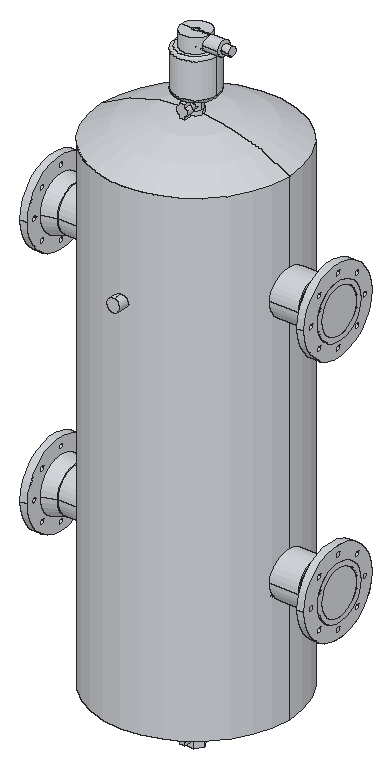
Revit family "307_2c91688fe4b84a309d506ab36b2033", category Pipe Accessories, Revit 2022
Family settings
  Round Connector Dimension = Use Diameter
  Part Type = Breaks Into
  Work Plane-Based = No
  Always vertical = Yes
  Cut with Voids When Loaded = No
  Shared = No
Parameters (values of type "2164 80")
  magiProductId = "f38ff9a0e22c45cabc91b409692365"
  magiProductFamilyId = "2c91688fe4b84a309d506ab36b2033"
  magiPartTypeId = 307
  isMeasuringValve [instance] = no
  ang2D [instance] = 0.00°
  W2D = 100 mm
  VersionID = "2.0/2018.5.23.1/FAR_2164_001"
  Use Minimum Symbol Size [instance] = yes
  RR = 7.5 mm
  RH = 12 mm
  RC = 46 mm
  R2 = 12.5 mm
  R = 40 mm
  QmdConnectorList = "301;D;302;D"
  Productdata [instance] = "© MagiCAD Group, all rights reserved"
  NR1 = 15.625 mm
  NR = 11.25 mm
  Manufacturer = "FAR"
  Maintenance Zone Under Depth [instance] = 787 mm
  Maintenance Zone Right Depth [instance] = 511 mm
  Maintenance Zone Over Depth [instance] = 361 mm
  Maintenance Zone Left Depth [instance] = 511 mm
  Maintenance Zone Front Depth [instance] = 184 mm
  Maintenance Zone Back Depth [instance] = 167 mm
  Maintenance Zone Front Visibility [instance] = no
  MC Product Code = "2164 80"
  LM = 429.9 mm
  LL = 255.5 mm
  L2D_Min = 3048 mm
  L2D = 511 mm
  L1 = 25.55 mm
  H__ve = -H  # -184 mm
  HT = 230 mm
  HE1 = no
  HE = yes
  HD2 = 5 mm
  HCD2 = 60 mm
  HC = 42.426 mm
  H = 184 mm
  G = 167 mm
  ER = 72.05 mm
  E3 = 26.2 mm
  E2 = 13.1 mm
  E1 = 6.55 mm
  Description = "Flanged hydraulic separator, air vent and drain valve"
  Default Elevation = 0 mm
  DM2 = 48 mm
  DM1 = 48 mm
  D12 = 75 mm
  D = 80 mm
  CenSd_NR_6 = NR * cos(30.00°)  # 9.743 mm
  CenSd_NR1_6 = NR1 * cos(30.00°)  # 13.532 mm
  Clearance Zone Height Depth [instance] = 361 mm
  Clearance Zone Circular Radius [instance] = 255.5 mm
  Clearance Zone Visibility [instance] = no
  C = 450 mm
  B1__ve = -B1  # -2 mm
  B11__ve = -B11  # -13 mm
  B11 = 13 mm
  B1 = 2 mm
  B = 280 mm
Types (4, lengths in mm): name | magiProductId | RC | R | Productdata | Maintenance Zone Under Depth | Maintenance Zone Right Depth | Maintenance Zone Over Depth | Maintenance Zone Left Depth | Maintenance Zone Front Depth | Maintenance Zone Back Depth | MC Product Code | LM | LL | L1 | H__ve | HT | HE1 | HE | HCD2 | HC | H | G | DM2 | DM1 | D12 | D | Clearance Zone Height Depth | Clearance Zone Circular Radius | C | B
  2164 100 | "30c19fde536d4b7e80c20b45797d6a" | 46 | 50 | "© Progman Oy, all rights reserved" | 787 | 511 | 361 | 511 | 184 | 167 | "2164 100" | 429.9 | 255.5 | 25.55 | -184 | 230 | no | yes | 60 | 42.426 | 184 | 167 | 48 | 60 | 75 | 100 | 361 | 255.5 | 450 | 280
  2164 50 | "d7ccfda699b2448dad43ceb41c4096" | 36.8 | 25 | "© Progman Oy, all rights reserved" | 623 | 393 | 315 | 393 | 132 | 114 | "2164 50" | 323.7 | 196.5 | 19.65 | -132 | 184 | yes | no | 40 | 28.284 | 132 | 114 | 32 | 30 | 50 | 50 | 315 | 196.5 | 330 | 234
  2164 65 | "71a9aff40bd94d57948ff36d22586c" | 36.8 | 32.5 | "© Progman Oy, all rights reserved" | 623 | 393 | 315 | 393 | 132 | 114 | "2164 65" | 323.7 | 196.5 | 19.65 | -132 | 184 | no | yes | 40 | 28.284 | 132 | 114 | 32 | 39 | 50 | 65 | 315 | 196.5 | 330 | 234
  2164 80 | "f38ff9a0e22c45cabc91b409692365" | 46 | 40 | "© MagiCAD Group, all rights reserved" | 787 | 511 | 361 | 511 | 184 | 167 | "2164 80" | 429.9 | 255.5 | 25.55 | -184 | 230 | no | yes | 60 | 42.426 | 184 | 167 | 48 | 48 | 75 | 80 | 361 | 255.5 | 450 | 280
Reference planes
  plane 1 "Center (Front/Back)": y = 0
  plane 2 "XYPLANE": z = 0
  plane 3 "Center (Left/Right)": x = 0
  plane 4 "516": y = -184
  plane 5 "515": y = 167
  plane 6 "514": x = -511
  plane 7 "513": x = 511
  plane 8 "512": z = -787
  plane 9 "511": z = 361
  plane 10 "506": z = -748
  plane 11 "505": z = -762
  plane 12 "504": z = -770
  plane 13 "503": z = -740
  plane 14 "502": z = -755
  plane 15 "482": z = -765
  plane 16 "481": z = -745
  plane 17 "470": x = -5
  plane 18 "469": x = 5
  plane 19 "468": z = 236.1
  plane 20 "467": z = 250.1
  plane 21 "466": z = 231.1
  plane 22 "465": z = 255.1
  plane 23 "464": y = -20
  plane 24 "462": z = 243.1
  plane 25 "459": x = 50
  plane 26 "456": z = 347.9
  plane 27 "449": x = -37
  plane 28 "448": x = -25
  plane 29 "447": x = -5
  plane 30 "444": z = 361
  plane 31 "443": z = 334.8
  plane 32 "442": z = 262.75
  plane 33 "439": z = 256.2
  plane 34 "436": z = 249.65
  plane 35 "432": z = 236.55
  plane 36 "425": z = -684
  plane 37 "421": z = -730
  plane 38 "414": z = 184
  plane 39 "412": x = -167
  plane 40 "411": x = -10
  plane 41 "410": z = 230
  plane 42 "403": z = -510
  plane 43 "402": z = -390
  plane 44 "401": z = -492.426
  plane 45 "400": z = -407.574
  plane 46 "399": z = -450
  plane 47 "352": x = 214.95
  plane 48 "351": x = 240.5
  plane 49 "346": x = -214.95
  plane 50 "345": x = -240.5
  plane 51 "342": x = -253.5
  plane 52 "317": z = -42.426
  plane 53 "316": z = 42.426
  plane 54 "315": z = -60
  plane 55 "314": z = 60
  plane 56 "313": y = -60
  plane 57 "312": y = 60
  plane 58 "311": y = -42.426
  plane 59 "310": y = 42.426
  plane 60 "309": x = 253.5
  plane 61 "77": y = 0
  plane 62 "76": z = 0
  plane 63 "75": x = 0
  plane 64 "74": x = -255.5
  plane 65 "73": x = 255.5
Forms (mm)
  Extrusion 1, solid
    sketch origin (253.5, -750, 0) x (0, 1, 0) y (0, 0, 1)
      loop
        circle (750, -450) r 75
      loop
        circle (792.426, -492.426) r 5
      loop
        circle (810, -450) r 5
      loop
        circle (792.426, -407.574) r 5
      loop
        circle (750, -390) r 5
      loop
        circle (707.574, -407.574) r 5
      loop
        circle (690, -450) r 5
      loop
        circle (707.574, -492.426) r 5
      loop
        circle (750, -510) r 5
    from 0 to -13 <- "B11__ve"
  Extrusion 2, solid
    sketch origin (253.5, -750, 0) x (0, 1, 0) y (0, 0, 1)
      loop
        circle (750, -450) r 75
      loop
        circle (792.426, -407.574) r 5
      loop
        circle (707.574, -407.574) r 5
      loop
        circle (707.574, -492.426) r 5
      loop
        circle (792.426, -492.426) r 5
    from 0 to -13 <- "B11__ve"
  Blend 3, solid, visible <- "Maintenance Zone Front Visibility"
    base sketch origin (-750, 0, 361) x (1, 0, 0) y (0, 1, 0)
      loop
        line (239, -184) -> (1261, -184) -> (1261, 167) -> (239, 167) -> (239, -184)
    top sketch origin (-750, 0, 361) x (1, 0, 0) y (0, 1, 0)
      loop
        line (239, -184) -> (1261, -184) -> (1261, 167) -> (239, 167) -> (239, -184)
    from 0 to -1148
  Extrusion 4, solid, visible <- "Clearance Zone Visibility"
    sketch origin (-750, 0, 0) x (1, 0, 0) y (0, 1, 0)
      loop
        circle (750, 0) r 255.5
    from 0 to 361 <- "Clearance Zone Height Depth"
  Extrusion 5, solid
    sketch origin (750, 0, 0) x (-1, 0, 0) y (0, 0, 1)
      loop
        circle (750, -755) r 6.55
    from 0 to -20
  Extrusion 6, solid
    sketch origin (750, -20, 0) x (-1, 0, 0) y (0, 0, 1)
      loop
        line (755, -748) -> (755, -740) -> (745, -740) -> (745, -748)
        arc (745, -748) -> (740, -755) -> (745, -762) r 7.4
        line (745, -762) -> (745, -770) -> (755, -770) -> (755, -762)
        arc (755, -762) -> (760, -755) -> (755, -748) r 7.4
    from 0 to -10
  Extrusion 7, solid
    sketch origin (-750, 0, -730) x (1, 0, 0) y (0, 1, 0)
      loop
        circle (750, 0) r 15.625
    from 0 to -15
  Extrusion 8, solid
    sketch origin (-750, 0, -765) x (1, 0, 0) y (0, 1, 0)
      loop
        line (734.375, 0) -> (742.188, -13.532) -> (757.813, -13.532) -> (765.625, 0) -> (757.812, 13.532) -> (742.188, 13.532) -> (734.375, 0)
      loop
        circle (750, 0) r 12.5
    from 0 to -15
  Extrusion 9, solid
    sketch origin (-750, 0, -745) x (1, 0, 0) y (0, 1, 0)
      loop
        circle (750, 0) r 15.625
    from 0 to -20
  Extrusion 10, solid
    sketch origin (750, 0, 0) x (-1, 0, 0) y (0, 0, 1)
      loop
        circle (750, 0) r 11.25
    from 0 to -184 <- "H__ve"
  Extrusion 11, solid
    sketch origin (750, -20, 0) x (-1, 0, 0) y (0, 0, 1)
      loop
        line (755, 250.1) -> (755, 255.1) -> (745, 255.1) -> (745, 250.1)
        arc (745, 250.1) -> (740, 243.1) -> (745, 236.1) r 7.4
        line (745, 236.1) -> (745, 231.1) -> (755, 231.1) -> (755, 236.1)
        arc (755, 236.1) -> (760, 243.1) -> (755, 250.1) r 7.4
    from 0 to -10
  Extrusion 12, solid
    sketch origin (750, 0, 0) x (-1, 0, 0) y (0, 0, 1)
      loop
        circle (750, 243.1) r 6.55
    from 0 to -20
  Extrusion 13, solid
    sketch origin (50, -750, 0) x (0, 1, 0) y (0, 0, 1)
      loop
        circle (750, 347.9) r 7.5
    from 0 to 15
  Extrusion 14, solid
    sketch origin (0, -750, 0) x (0, 1, 0) y (0, 0, 1)
      loop
        circle (750, 347.9) r 13.1
    from 0 to 50
  Revolve 15, solid
    sketch origin (-5, 0, 361) x (0, 0, -1) y (1, 0, 0)
      loop
        line (0, 0) -> (0, -20) -> (26.2, -20) -> (26.2, -27)
        arc (26.2, -27) -> (27.664, -30.536) -> (31.2, -32) r 5
        line (31.2, -32) -> (93.25, -32)
        arc (93.25, -32) -> (96.786, -30.536) -> (98.25, -27) r 5
        line (98.25, -27) -> (98.25, 0) -> (0, 0)
      axis (0, 5) -> (98.25, 5)
    angle from 0 to -360
  Extrusion 16, solid
    sketch origin (-750, 0, 256.2) x (1, 0, 0) y (0, 1, 0)
      loop
        circle (750, 0) r 12.5
    from 0 to 6.55 <- "E1"
  Extrusion 17, solid
    sketch origin (-750, 0, 236.55) x (1, 0, 0) y (0, 1, 0)
      loop
        circle (750, 0) r 11.25
    from 0 to 13.1 <- "E2"
  Extrusion 18, solid
    sketch origin (-750, 0, 249.65) x (1, 0, 0) y (0, 1, 0)
      loop
        line (761.25, 0) -> (755.625, 9.743) -> (744.375, 9.743) -> (738.75, 0) -> (744.375, -9.743) -> (755.625, -9.743) -> (761.25, 0)
    from 0 to 6.55 <- "E1"
  Extrusion 19, solid
    sketch origin (-750, 0, 230) x (1, 0, 0) y (0, 1, 0)
      loop
        circle (750, 0) r 12.5
    from 0 to 6.55 <- "E1"
  Revolve 20, solid
    sketch origin (-10, 0, -730) x (0, 0, -1) y (1, 0, 0)
      loop
        line (0, 0) -> (-960, 0)
        arc (-960, 0) -> (-948.516, -81.874) -> (-914, -157) r 284.802
        line (-914, -157) -> (-46, -157)
        arc (-46, -157) -> (-11.484, -81.874) -> (0, 0) r 284.802
      axis (-960, 10) -> (0, 10)
    angle from 0 to -360
  Extrusion 21, solid, visible <- "HE1"
    sketch origin (-253.5, -750, 0) x (0, 1, 0) y (0, 0, 1)
      loop
        circle (750, -450) r 75
      loop
        circle (792.426, -407.574) r 5
      loop
        circle (707.574, -407.574) r 5
      loop
        circle (792.426, -492.426) r 5
      loop
        circle (707.574, -492.426) r 5
    from 0 to 13 <- "B11"
  Extrusion 22, solid, visible <- "HE"
    sketch origin (-253.5, -750, 0) x (0, 1, 0) y (0, 0, 1)
      loop
        circle (750, -450) r 75
      loop
        circle (810, -450) r 5
      loop
        circle (792.426, -492.426) r 5
      loop
        circle (792.426, -407.574) r 5
      loop
        circle (750, -390) r 5
      loop
        circle (707.574, -407.574) r 5
      loop
        circle (707.574, -492.426) r 5
      loop
        circle (690, -450) r 5
      loop
        circle (750, -510) r 5
    from 0 to 13 <- "B11"
  Extrusion 23, solid
    sketch origin (255.5, -750, 0) x (0, 1, 0) y (0, 0, 1)
      loop
        circle (750, -450) r 48
      loop
        circle (750, -450) r 40
    from 0 to -2 <- "B1__ve"
  Blend 24, solid
    base sketch origin (214.95, -750, 0) x (0, 1, 0) y (0, 0, 1)
      loop
        circle (750, -450) r 40
    top sketch origin (214.95, -750, 0) x (0, 1, 0) y (0, 0, 1)
      loop
        circle (750, -450) r 48
    from 0 to 25.55
  Extrusion 25, solid
    sketch origin (-255.5, -750, 0) x (0, 1, 0) y (0, 0, 1)
      loop
        circle (750, -450) r 48
      loop
        circle (750, -450) r 40
    from 0 to 2 <- "B1"
  Blend 26, solid
    base sketch origin (-240.5, -750, 0) x (0, 1, 0) y (0, 0, 1)
      loop
        circle (750, -450) r 48
    top sketch origin (-240.5, -750, 0) x (0, 1, 0) y (0, 0, 1)
      loop
        circle (750, -450) r 40
    from 0 to 25.55
  Extrusion 27, solid
    sketch origin (-214.95, -750, 0) x (0, 1, 0) y (0, 0, 1)
      loop
        circle (750, -450) r 40
    from 0 to 429.9 <- "LM"
  Extrusion 28, solid
    sketch origin (-214.95, -750, 0) x (0, 1, 0) y (0, 0, 1)
      loop
        circle (750, 0) r 40
    from 0 to 429.9 <- "LM"
  Blend 29, solid
    base sketch origin (214.95, -750, 0) x (0, 1, 0) y (0, 0, 1)
      loop
        circle (750, 0) r 40
    top sketch origin (214.95, -750, 0) x (0, 1, 0) y (0, 0, 1)
      loop
        circle (750, 0) r 48
    from 0 to 25.55
  Blend 30, solid
    base sketch origin (-240.5, -750, 0) x (0, 1, 0) y (0, 0, 1)
      loop
        circle (750, 0) r 48
    top sketch origin (-240.5, -750, 0) x (0, 1, 0) y (0, 0, 1)
      loop
        circle (750, 0) r 40
    from 0 to 25.55
  Extrusion 31, solid, visible <- "HE"
    sketch origin (-253.5, -750, 0) x (0, 1, 0) y (0, 0, 1)
      loop
        circle (750, 0) r 75
      loop
        circle (792.426, -42.426) r 5
      loop
        circle (810, 0) r 5
      loop
        circle (792.426, 42.426) r 5
      loop
        circle (750, 60) r 5
      loop
        circle (690, 0) r 5
      loop
        circle (707.574, 42.426) r 5
      loop
        circle (707.574, -42.426) r 5
      loop
        circle (750, -60) r 5
    from 0 to 13 <- "B11"
  Extrusion 32, solid, visible <- "HE1"
    sketch origin (-253.5, -750, 0) x (0, 1, 0) y (0, 0, 1)
      loop
        circle (750, 0) r 75
      loop
        circle (792.426, -42.426) r 5
      loop
        circle (792.426, 42.426) r 5
      loop
        circle (707.574, 42.426) r 5
      loop
        circle (707.574, -42.426) r 5
    from 0 to 13 <- "B11"
  Extrusion 33, solid
    sketch origin (-255.5, -750, 0) x (0, 1, 0) y (0, 0, 1)
      loop
        circle (750, 0) r 48
      loop
        circle (750, 0) r 40
    from 0 to 2 <- "B1"
  Extrusion 34, solid
    sketch origin (255.5, -750, 0) x (0, 1, 0) y (0, 0, 1)
      loop
        circle (750, 0) r 48
      loop
        circle (750, 0) r 40
    from 0 to -2 <- "B1__ve"
  Extrusion 35, solid, visible <- "HE1"
    sketch origin (253.5, -750, 0) x (0, 1, 0) y (0, 0, 1)
      loop
        circle (750, 0) r 75
      loop
        circle (792.426, -42.426) r 5
      loop
        circle (792.426, 42.426) r 5
      loop
        circle (707.574, 42.426) r 5
      loop
        circle (707.574, -42.426) r 5
    from 0 to -13 <- "B11__ve"
  Extrusion 36, solid, visible <- "HE"
    sketch origin (253.5, -750, 0) x (0, 1, 0) y (0, 0, 1)
      loop
        circle (750, 0) r 75
      loop
        circle (792.426, -42.426) r 5
      loop
        circle (810, 0) r 5
      loop
        circle (792.426, 42.426) r 5
      loop
        circle (750, 60) r 5
      loop
        circle (690, 0) r 5
      loop
        circle (707.574, 42.426) r 5
      loop
        circle (707.574, -42.426) r 5
      loop
        circle (750, -60) r 5
    from 0 to -13 <- "B11__ve"
  Extrusion 37, solid, not visible
    sketch origin (-255.5, -750, 0) x (0, 1, 0) y (0, 0, 1)
      loop
        circle (750, 0) r 10
    from 0 to 10
  Extrusion 38, solid, not visible
    sketch origin (255.5, -750, 0) x (0, 1, 0) y (0, 0, 1)
      loop
        circle (750, 0) r 10
    from 0 to -10
Lines and regions (mm)
  reference lines, not visible
    curve 1: circle (2, 2, 0) r 1 normal (0, 0, 1)
  reference lines
    curve 2: line (5, -20, -748) -> (5, -20, -762)
    curve 3: line (-5, -20, -762) -> (-5, -20, -748)
    curve 4: line (0, 0, -765) -> (3.906, 6.766, -765)
    curve 5: line (0, 0, -765) -> (7.812, 0, -765)
    curve 6: line (0, 0, -765) -> (3.906, -6.766, -765)
    curve 7: line (5, -20, 250.1) -> (5, -20, 236.1)
    curve 8: line (-5, -20, 236.1) -> (-5, -20, 250.1)
    curve 9: line (0, 0, 249.65) -> (-2.813, 4.871, 249.65)
    curve 10: line (0, 0, 249.65) -> (-5.625, 0, 249.65)
    curve 11: line (0, 0, 249.65) -> (-2.812, -4.871, 249.65)
    curve 12: line (-10, 0, 230) -> (-167, 0, 184)
    curve 13: line (-167, 0, -684) -> (-10, 0, -730)
Dimensions and locks
  plane 1 "Center (Front/Back)" to curve 1 = 2 mm
  "Maintenance Zone Front Depth": plane 1 "Center (Front/Back)" to plane 4 "516"
  "Maintenance Zone Back Depth": plane 1 "Center (Front/Back)" to plane 5 "515"
  "Maintenance Zone Left Depth": plane 3 "Center (Left/Right)" to plane 6 "514"
  "Maintenance Zone Right Depth": plane 3 "Center (Left/Right)" to plane 7 "513"
  "Maintenance Zone Under Depth": plane 2 "XYPLANE" to plane 8 "512"
  "Maintenance Zone Over Depth": plane 2 "XYPLANE" to plane 9 "511"
  locked: plane 13 "503" to plane 10 "506" at 8
  locked: plane 12 "504" to plane 11 "505" at 8
  locked: plane 14 "502" to plane 12 "504" at 15
  locked: plane 14 "502" to plane 13 "503" at 15
  locked: plane 16 "481" to plane 14 "502" at 10
  locked: plane 16 "481" to plane 15 "482" at 20
  locked: plane 37 "421" to plane 16 "481" at 15
  locked: plane 3 "Center (Left/Right)" to plane 17 "470" at 5
  locked: plane 3 "Center (Left/Right)" to plane 18 "469" at 5
  locked: plane 21 "466" to plane 19 "468" at 5
  locked: plane 22 "465" to plane 20 "467" at 5
  locked: plane 24 "462" to plane 21 "466" at 12
  locked: plane 24 "462" to plane 22 "465" at 12
  locked: plane 61 "77" to plane 23 "464" at 20
  "E1": plane 35 "432" to plane 24 "462"
  locked: plane 3 "Center (Left/Right)" to plane 25 "459" at 50
  "E2": plane 31 "443" to plane 26 "456"
  locked: plane 28 "448" to plane 27 "449" at 12
  locked: plane 29 "447" to plane 28 "448" at 20
  locked: plane 3 "Center (Left/Right)" to plane 29 "447" at 5
  "E3": plane 31 "443" to plane 30 "444"
  "ER": plane 32 "442" to plane 31 "443"
  "E1": plane 33 "439" to plane 32 "442"
  "E1": plane 34 "436" to plane 33 "439"
  "E2": plane 35 "432" to plane 34 "436"
  "E1": plane 41 "410" to plane 35 "432"
  "RC": plane 37 "421" to plane 36 "425"
  "B": plane 46 "399" to plane 37 "421"
  "RC": plane 41 "410" to plane 38 "414"
  "G": plane 3 "Center (Left/Right)" to plane 39 "412"
  locked: plane 3 "Center (Left/Right)" to plane 40 "411" at 10
  "HT": plane 2 "XYPLANE" to plane 41 "410"
  "HCD2": plane 46 "399" to plane 42 "403"
  "HCD2": plane 46 "399" to plane 43 "402"
  "HC": plane 46 "399" to plane 44 "401"
  "HC": plane 46 "399" to plane 45 "400"
  "C": plane 2 "XYPLANE" to plane 46 "399"
  "L1": plane 48 "351" to plane 47 "352"
  "B11": plane 60 "309" to plane 48 "351"
  "L1": plane 50 "345" to plane 49 "346"
  "B11": plane 51 "342" to plane 50 "345"
  "B1": plane 64 "74" to plane 51 "342"
  "HC": plane 2 "XYPLANE" to plane 52 "317"
  "HC": plane 2 "XYPLANE" to plane 53 "316"
  "HCD2": plane 2 "XYPLANE" to plane 54 "315"
  "HCD2": plane 2 "XYPLANE" to plane 55 "314"
  "HCD2": plane 1 "Center (Front/Back)" to plane 56 "313"
  "HCD2": plane 1 "Center (Front/Back)" to plane 57 "312"
  "HC": plane 1 "Center (Front/Back)" to plane 58 "311"
  "HC": plane 1 "Center (Front/Back)" to plane 59 "310"
  "B1": plane 65 "73" to plane 60 "309"
  locked: plane 1 "Center (Front/Back)" to plane 61 "77"
  locked: plane 2 "XYPLANE" to plane 62 "76"
  locked: plane 3 "Center (Left/Right)" to plane 63 "75"
  "LL": plane 3 "Center (Left/Right)" to plane 64 "74"
  "LL": plane 3 "Center (Left/Right)" to plane 65 "73"
  Blend 3 sketch curve to Blend 3 sketch curve = 0 mm  (x16)
  Extrusion 6 sketch curve to Extrusion 6 sketch curve = 0 mm  (x16)
  "CenSd_NR1_6": curve 4 to Extrusion 8 sketch curve  (x2)
  "CenSd_NR1_6": curve 5 to Extrusion 8 sketch curve  (x2)
  "CenSd_NR1_6": curve 6 to Extrusion 8 sketch curve  (x2)
  Extrusion 8 sketch curve to Extrusion 8 sketch curve = 0 mm  (x12)
  Extrusion 11 sketch curve to Extrusion 11 sketch curve = 0 mm  (x16)
  Revolve 15 sketch curve to Revolve 15 sketch curve = 0 mm  (x16)
  "CenSd_NR_6": curve 9 to Extrusion 18 sketch curve  (x2)
  "CenSd_NR_6": curve 10 to Extrusion 18 sketch curve  (x2)
  "CenSd_NR_6": curve 11 to Extrusion 18 sketch curve  (x2)
  Extrusion 18 sketch curve to Extrusion 18 sketch curve = 0 mm  (x12)
  "RH": curve 12 to Revolve 20 sketch curve
  "RH": curve 13 to Revolve 20 sketch curve
  Revolve 20 sketch curve to Revolve 20 sketch curve = 0 mm  (x8)
  "D12": radius of Extrusion 1 sketch curve
  "HD2": radius of Extrusion 1 sketch curve  (x8)
  "D12": radius of Extrusion 2 sketch curve
  "HD2": radius of Extrusion 2 sketch curve  (x4)
  "Clearance Zone Circular Radius": radius of Extrusion 4 sketch curve
  "E1": radius of Extrusion 5 sketch curve
  "NR1": radius of Extrusion 7 sketch curve
  "R2": radius of Extrusion 8 sketch curve
  "NR1": radius of Extrusion 9 sketch curve
  "NR": radius of Extrusion 10 sketch curve
  "E1": radius of Extrusion 12 sketch curve
  "RR": radius of Extrusion 13 sketch curve
  "E2": radius of Extrusion 14 sketch curve
  radius of Revolve 15 sketch curve = 5 mm  (x2)
  "R2": radius of Extrusion 16 sketch curve
  "NR": radius of Extrusion 17 sketch curve
  "R2": radius of Extrusion 19 sketch curve
  "D12": radius of Extrusion 21 sketch curve
  "HD2": radius of Extrusion 21 sketch curve  (x4)
  "D12": radius of Extrusion 22 sketch curve
  "HD2": radius of Extrusion 22 sketch curve  (x8)
  "DM2": radius of Extrusion 23 sketch curve
  "R": radius of Extrusion 23 sketch curve
  "DM1": radius of Blend 24 sketch curve
  "R": radius of Blend 24 sketch curve
  "DM2": radius of Extrusion 25 sketch curve
  "R": radius of Extrusion 25 sketch curve
  "R": radius of Blend 26 sketch curve
  "DM1": radius of Blend 26 sketch curve
  "R": radius of Extrusion 27 sketch curve
  "R": radius of Extrusion 28 sketch curve
  "DM1": radius of Blend 29 sketch curve
  "R": radius of Blend 29 sketch curve
  "R": radius of Blend 30 sketch curve
  "DM1": radius of Blend 30 sketch curve
  "D12": radius of Extrusion 31 sketch curve
  "HD2": radius of Extrusion 31 sketch curve  (x8)
  "D12": radius of Extrusion 32 sketch curve
  "HD2": radius of Extrusion 32 sketch curve  (x4)
  "DM2": radius of Extrusion 33 sketch curve
  "R": radius of Extrusion 33 sketch curve
  "DM2": radius of Extrusion 34 sketch curve
  "R": radius of Extrusion 34 sketch curve
  "D12": radius of Extrusion 35 sketch curve
  "HD2": radius of Extrusion 35 sketch curve  (x4)
  "D12": radius of Extrusion 36 sketch curve
  "HD2": radius of Extrusion 36 sketch curve  (x8)
  locked: curve 5 to curve 4 (angle 60.00°)
  locked: curve 6 to curve 5 (angle 60.00°)
  locked: curve 6 to curve 4 (angle 120.00°)
  locked: curve 10 to curve 9 (angle 60.00°)
  locked: curve 11 to curve 10 (angle 60.00°)
  locked: curve 11 to curve 9 (angle 120.00°)
  aligned and locked: level to plane 2 "XYPLANE"
  aligned and locked: plane 46 "399" to Extrusion 1 sketch curve  (x3)
  aligned and locked: Extrusion 1 sketch curve to plane 61 "77"  (x3)
  aligned and locked: plane 44 "401" to Extrusion 1 sketch curve  (x2)
  aligned and locked: Extrusion 1 sketch curve to plane 59 "310"  (x2)
  aligned and locked: Extrusion 1 sketch curve to plane 57 "312"
  aligned and locked: plane 45 "400" to Extrusion 1 sketch curve  (x2)
  aligned and locked: plane 43 "402" to Extrusion 1 sketch curve
  aligned and locked: Extrusion 1 sketch curve to plane 58 "311"  (x2)
  aligned and locked: Extrusion 1 sketch curve to plane 56 "313"
  aligned and locked: plane 42 "403" to Extrusion 1 sketch curve
  aligned and locked: plane 46 "399" to Extrusion 2 sketch curve
  aligned and locked: Extrusion 2 sketch curve to plane 61 "77"
  aligned and locked: plane 45 "400" to Extrusion 2 sketch curve  (x2)
  aligned and locked: Extrusion 2 sketch curve to plane 59 "310"  (x2)
  aligned and locked: Extrusion 2 sketch curve to plane 58 "311"  (x2)
  aligned and locked: plane 44 "401" to Extrusion 2 sketch curve  (x2)
  aligned and locked: plane 6 "514" to Blend 3 sketch curve  (x4)
  aligned and locked: plane 4 "516" to Blend 3 sketch curve  (x4)
  aligned and locked: plane 5 "515" to Blend 3 sketch curve  (x4)
  aligned and locked: plane 7 "513" to Blend 3 sketch curve  (x4)
  aligned and locked: Blend 3 to plane 8 "512"
  aligned and locked: plane 61 "77" to Extrusion 4 sketch curve
  aligned and locked: plane 63 "75" to Extrusion 4 sketch curve
  aligned and locked: plane 14 "502" to Extrusion 5 sketch curve
  aligned and locked: plane 63 "75" to Extrusion 5 sketch curve
  aligned and locked: Extrusion 6 sketch curve to plane 17 "470"
  aligned and locked: plane 10 "506" to Extrusion 6 sketch curve  (x2)
  aligned and locked: plane 13 "503" to Extrusion 6 sketch curve  (x2)
  aligned and locked: plane 17 "470" to Extrusion 6 sketch curve  (x2)
  aligned and locked: plane 18 "469" to Extrusion 6 sketch curve  (x3)
  aligned and locked: plane 18 "469" to curve 2
  aligned and locked: plane 10 "506" to curve 2
  aligned and locked: plane 11 "505" to curve 2
  aligned and locked: plane 11 "505" to Extrusion 6 sketch curve  (x2)
  aligned and locked: plane 12 "504" to Extrusion 6 sketch curve  (x2)
  aligned and locked: curve 3 to plane 17 "470"
  aligned and locked: plane 11 "505" to curve 3
  aligned and locked: plane 10 "506" to curve 3
  aligned and locked: plane 61 "77" to Extrusion 7 sketch curve
  aligned and locked: plane 63 "75" to Extrusion 7 sketch curve
  aligned and locked: plane 61 "77" to curve 6
  aligned and locked: plane 63 "75" to curve 6
  aligned and locked: plane 61 "77" to Extrusion 8 sketch curve
  aligned and locked: plane 63 "75" to Extrusion 8 sketch curve
  aligned and locked: plane 61 "77" to Extrusion 9 sketch curve
  aligned and locked: plane 63 "75" to Extrusion 9 sketch curve
  aligned and locked: plane 62 "76" to Extrusion 10 sketch curve
  aligned and locked: plane 63 "75" to Extrusion 10 sketch curve
  aligned and locked: Extrusion 11 sketch curve to plane 17 "470"
  aligned and locked: plane 20 "467" to Extrusion 11 sketch curve  (x2)
  aligned and locked: plane 22 "465" to Extrusion 11 sketch curve  (x2)
  aligned and locked: plane 17 "470" to Extrusion 11 sketch curve  (x2)
  aligned and locked: plane 18 "469" to Extrusion 11 sketch curve  (x3)
  aligned and locked: plane 18 "469" to curve 7
  aligned and locked: plane 20 "467" to curve 7
  aligned and locked: plane 19 "468" to curve 7
  aligned and locked: plane 19 "468" to Extrusion 11 sketch curve  (x2)
  aligned and locked: plane 21 "466" to Extrusion 11 sketch curve  (x2)
  aligned and locked: curve 8 to plane 17 "470"
  aligned and locked: plane 19 "468" to curve 8
  aligned and locked: plane 20 "467" to curve 8
  aligned and locked: plane 24 "462" to Extrusion 12 sketch curve
  aligned and locked: plane 63 "75" to Extrusion 12 sketch curve
  aligned and locked: plane 26 "456" to Extrusion 13 sketch curve
  aligned and locked: plane 61 "77" to Extrusion 13 sketch curve
  aligned and locked: plane 26 "456" to Extrusion 14 sketch curve
  aligned and locked: plane 61 "77" to Extrusion 14 sketch curve
  aligned and locked: Revolve 15 sketch curve to plane 30 "444"
  aligned and locked: plane 29 "447" to Revolve 15 sketch curve
  aligned and locked: plane 28 "448" to Revolve 15 sketch curve  (x2)
  aligned and locked: plane 30 "444" to Revolve 15 sketch curve  (x2)
  aligned and locked: plane 31 "443" to Revolve 15 sketch curve
  aligned and locked: plane 27 "449" to Revolve 15 sketch curve
  aligned and locked: plane 32 "442" to Revolve 15 sketch curve  (x3)
  aligned and locked: Revolve 15 sketch curve to plane 29 "447"
  aligned and locked: plane 63 "75" to Revolve 15 sketch curve
  aligned and locked: plane 61 "77" to Extrusion 16 sketch curve
  aligned and locked: plane 63 "75" to Extrusion 16 sketch curve
  aligned and locked: plane 61 "77" to Extrusion 17 sketch curve
  aligned and locked: plane 63 "75" to Extrusion 17 sketch curve
  aligned and locked: plane 61 "77" to curve 11
  aligned and locked: plane 63 "75" to curve 11
  aligned and locked: plane 61 "77" to Extrusion 19 sketch curve
  aligned and locked: plane 63 "75" to Extrusion 19 sketch curve
  aligned and locked: Revolve 20 sketch curve to plane 40 "411"
  aligned and locked: plane 37 "421" to Revolve 20 sketch curve  (x2)
  aligned and locked: plane 41 "410" to Revolve 20 sketch curve  (x2)
  aligned and locked: plane 40 "411" to curve 12
  aligned and locked: plane 41 "410" to curve 12
  aligned and locked: plane 38 "414" to curve 12
  aligned and locked: plane 39 "412" to curve 12
  aligned and locked: plane 39 "412" to Revolve 20 sketch curve
  aligned and locked: plane 38 "414" to Revolve 20 sketch curve
  aligned and locked: plane 36 "425" to Revolve 20 sketch curve
  aligned and locked: plane 36 "425" to curve 13
  aligned and locked: plane 39 "412" to curve 13
  aligned and locked: plane 37 "421" to curve 13
  aligned and locked: plane 40 "411" to curve 13
  aligned and locked: plane 63 "75" to Revolve 20 sketch curve
  aligned and locked: plane 46 "399" to Extrusion 21 sketch curve
  aligned and locked: Extrusion 21 sketch curve to plane 61 "77"
  aligned and locked: plane 45 "400" to Extrusion 21 sketch curve  (x2)
  aligned and locked: Extrusion 21 sketch curve to plane 59 "310"  (x2)
  aligned and locked: Extrusion 21 sketch curve to plane 58 "311"  (x2)
  aligned and locked: plane 44 "401" to Extrusion 21 sketch curve  (x2)
  aligned and locked: plane 46 "399" to Extrusion 22 sketch curve  (x3)
  aligned and locked: Extrusion 22 sketch curve to plane 61 "77"  (x3)
  aligned and locked: Extrusion 22 sketch curve to plane 57 "312"
  aligned and locked: plane 44 "401" to Extrusion 22 sketch curve  (x2)
  aligned and locked: Extrusion 22 sketch curve to plane 59 "310"  (x2)
  aligned and locked: plane 45 "400" to Extrusion 22 sketch curve  (x2)
  aligned and locked: plane 43 "402" to Extrusion 22 sketch curve
  aligned and locked: Extrusion 22 sketch curve to plane 58 "311"  (x2)
  aligned and locked: Extrusion 22 sketch curve to plane 56 "313"
  aligned and locked: plane 42 "403" to Extrusion 22 sketch curve
  aligned and locked: plane 46 "399" to Extrusion 23 sketch curve  (x2)
  aligned and locked: Extrusion 23 sketch curve to plane 61 "77"  (x2)
  aligned and locked: plane 46 "399" to Blend 24 sketch curve  (x2)
  aligned and locked: Blend 24 sketch curve to plane 61 "77"  (x2)
  aligned and locked: plane 48 "351" to Blend 24
  aligned and locked: plane 46 "399" to Extrusion 25 sketch curve  (x2)
  aligned and locked: Extrusion 25 sketch curve to plane 61 "77"  (x2)
  aligned and locked: plane 46 "399" to Blend 26 sketch curve  (x2)
  aligned and locked: Blend 26 sketch curve to plane 61 "77"  (x2)
  aligned and locked: plane 49 "346" to Blend 26
  aligned and locked: plane 46 "399" to Extrusion 27 sketch curve
  aligned and locked: Extrusion 27 sketch curve to plane 61 "77"
  aligned and locked: Extrusion 28 sketch curve to plane 61 "77"
  aligned and locked: plane 62 "76" to Extrusion 28 sketch curve
  aligned and locked: Blend 29 sketch curve to plane 61 "77"  (x2)
  aligned and locked: plane 62 "76" to Blend 29 sketch curve  (x2)
  aligned and locked: plane 48 "351" to Blend 29
  aligned and locked: Blend 30 sketch curve to plane 61 "77"  (x2)
  aligned and locked: plane 62 "76" to Blend 30 sketch curve  (x2)
  aligned and locked: plane 49 "346" to Blend 30
  aligned and locked: Extrusion 31 sketch curve to plane 61 "77"  (x2)
  aligned and locked: plane 62 "76" to Extrusion 31 sketch curve  (x3)
  aligned and locked: plane 52 "317" to Extrusion 31 sketch curve  (x2)
  aligned and locked: Extrusion 31 sketch curve to plane 59 "310"
  aligned and locked: Extrusion 31 sketch curve to plane 57 "312"
  aligned and locked: plane 53 "316" to Extrusion 31 sketch curve  (x2)
  aligned and locked: plane 59 "310" to Extrusion 31 sketch curve
  aligned and locked: plane 55 "314" to Extrusion 31 sketch curve
  aligned and locked: plane 61 "77" to Extrusion 31 sketch curve
  aligned and locked: Extrusion 31 sketch curve to plane 56 "313"
  aligned and locked: plane 58 "311" to Extrusion 31 sketch curve
  aligned and locked: Extrusion 31 sketch curve to plane 58 "311"
  aligned and locked: plane 54 "315" to Extrusion 31 sketch curve
  aligned and locked: Extrusion 32 sketch curve to plane 61 "77"
  aligned and locked: plane 62 "76" to Extrusion 32 sketch curve
  aligned and locked: plane 52 "317" to Extrusion 32 sketch curve  (x2)
  aligned and locked: Extrusion 32 sketch curve to plane 59 "310"
  aligned and locked: plane 53 "316" to Extrusion 32 sketch curve  (x2)
  aligned and locked: plane 59 "310" to Extrusion 32 sketch curve
  aligned and locked: plane 58 "311" to Extrusion 32 sketch curve
  aligned and locked: Extrusion 32 sketch curve to plane 58 "311"
  aligned and locked: Extrusion 33 sketch curve to plane 61 "77"  (x2)
  aligned and locked: plane 62 "76" to Extrusion 33 sketch curve  (x2)
  aligned and locked: Extrusion 34 sketch curve to plane 61 "77"  (x2)
  aligned and locked: plane 62 "76" to Extrusion 34 sketch curve  (x2)
  aligned and locked: Extrusion 35 sketch curve to plane 61 "77"
  aligned and locked: plane 62 "76" to Extrusion 35 sketch curve
  aligned and locked: plane 52 "317" to Extrusion 35 sketch curve  (x2)
  aligned and locked: Extrusion 35 sketch curve to plane 59 "310"
  aligned and locked: plane 53 "316" to Extrusion 35 sketch curve  (x2)
  aligned and locked: plane 59 "310" to Extrusion 35 sketch curve
  aligned and locked: plane 58 "311" to Extrusion 35 sketch curve
  aligned and locked: Extrusion 35 sketch curve to plane 58 "311"
  aligned and locked: Extrusion 36 sketch curve to plane 61 "77"  (x2)
  aligned and locked: plane 62 "76" to Extrusion 36 sketch curve  (x3)
  aligned and locked: plane 52 "317" to Extrusion 36 sketch curve  (x2)
  aligned and locked: Extrusion 36 sketch curve to plane 59 "310"
  aligned and locked: Extrusion 36 sketch curve to plane 57 "312"
  aligned and locked: plane 53 "316" to Extrusion 36 sketch curve  (x2)
  aligned and locked: plane 59 "310" to Extrusion 36 sketch curve
  aligned and locked: plane 55 "314" to Extrusion 36 sketch curve
  aligned and locked: plane 61 "77" to Extrusion 36 sketch curve
  aligned and locked: Extrusion 36 sketch curve to plane 56 "313"
  aligned and locked: plane 58 "311" to Extrusion 36 sketch curve
  aligned and locked: Extrusion 36 sketch curve to plane 58 "311"
  aligned and locked: plane 54 "315" to Extrusion 36 sketch curve
  aligned and locked: Extrusion 37 sketch curve to plane 61 "77"
  aligned and locked: plane 62 "76" to Extrusion 37 sketch curve
  aligned and locked: Extrusion 38 sketch curve to plane 61 "77"
  aligned and locked: plane 62 "76" to Extrusion 38 sketch curve
Automatic sketch dimensions
  Extrusion 6 sketch curve to plane 18 "469" = 2.4 mm
  plane 17 "470" to Extrusion 6 sketch curve = 2.4 mm
  Extrusion 11 sketch curve to plane 18 "469" = 2.4 mm
  plane 17 "470" to Extrusion 11 sketch curve = 2.4 mm
  plane 1 "Center (Front/Back)" to Extrusion 37 sketch curve = 10 mm
  plane 1 "Center (Front/Back)" to Extrusion 38 sketch curve = 10 mm
  plane 3 "Center (Left/Right)" to curve 1 = 2 mm
  radius of curve 1 = 1 mm
Connectors
  piping at (-255.5, 0, 0), diameter 80, driven by "D"
    settings: on Extrusion 37, index 1, connector inside diameter 609.6 mm, connector length 0 mm, flow factor 0, pipe flow 0.0 L/s, pressure drop 0.0 Pa, fitting loss kfactor 0, connector angle 0.00°, fixture units 0, engagement length 0 mm, angle of deflection 0.00°, flow configuration 0, flow direction 0, fitting loss method 0, system type 29, joint type 0, gender type 0, connector reference index 2, connector utility 0, adjustable connector no, is connector primary yes, connector description ""
  piping at (255.5, 0, 0), diameter 80, driven by "D"
    settings: on Extrusion 38, index 2, connector inside diameter 609.6 mm, connector length 0 mm, flow factor 0, pipe flow 0.0 L/s, pressure drop 0.0 Pa, fitting loss kfactor 0, connector angle 0.00°, fixture units 0, engagement length 0 mm, angle of deflection 0.00°, flow configuration 0, flow direction 0, fitting loss method 0, system type 29, joint type 0, gender type 0, connector reference index 1, connector utility 0, adjustable connector no, is connector primary no, connector description ""
